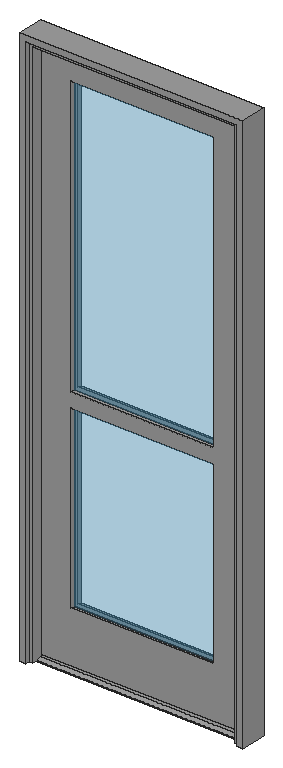
Revit family "RD-WS-DOOR-PD-1-CW_v05", category Curtain Panels, Revit 2015
Parameters
  Width [instance] = 3' - 2"
  URL = "obe.com"
  Rough Width [instance] = 3' - 0"
  Panel Width [instance] = [Min-Max Panel Width]  # 3' - 0"
  Panel Offset [instance] = 0' - 0"
  Offset [instance] = 0' - 1"
  Model = "RD-WS 1\" Infill"
  Min-Max Rough Width [instance] = if(and((Rough Width > 3' 1 255/256"), (Rough Width < 3' 8 1/256")), Rough Width, 3' 2")  # 3' - 2"
  Min-Max Panel Width [instance] = if(and((Rough Width > 3' 1 255/256"), (Rough Width < 3' 8 1/256")), Rough Width - 0' 2", 3' 0")  # 3' - 0"
  Manufacturer = "Oldcastle BuildingEnvelope®"
  Keynote = "08 11 00"
  Height [instance] = 8' - 0"
  Pushbar Height [instance] = 3' - 5 1/4"  # constant formula
  Glass Material = Glass
  Frame Material = Aluminum
  Door Panel Height [instance] = Height - 0' 0 1/2"  # 7' - 11 1/2"
  Description = "Rugged Door-Wide Stile 1\" Infill"
  Assembly Code = "B2030"
  Analytic Construction = "<None>"
  8 Muntin [instance] = no
  Mid-Panel [instance] = no
  10 Bottom Rail [instance] = not([8 Bottom Rail])  # no
  4 Muntin [instance] = no
  8 Bottom Rail [instance] = yes
  1 Muntin [instance] = if(or([4 Muntin], [8 Muntin], [Mid-Panel]), 1 = 2, 1 = 1)  # yes
Reference planes (in)
  plane 1 "Front": y = 0
  plane 2: z = 0
  plane 3 "Center (Left/Right)": x = 0
  plane 4 "Left": x = -19
  plane 5 "Right": x = 19
  plane 6 "Top": z = 96
  plane 7 "Offset": y = -1
  plane 8: y = -2.133
  plane 9: y = -2.133
  plane 10: y = -2.133
  plane 11: x = -19
  plane 12: x = 19
Forms (in)
  Sweep 1, solid, material "Aluminum" <- "Frame Material"
    path origin (0, -1, 0) x (-1, 0, 0) y (0, 0, 1)
      loop
        line (19, 0) -> (19, 96)
    profile origin (-19, -1, 48) x (1, 0, 0) y (0, 1, 0)
      loop
        line (1, -2.266) -> (1, 0) -> (0, 0) -> (0, -4.5) -> (1, -4.5) -> (1, -3.891) -> (1.75, -3.891) -> (1.75, -2.266) -> (1, -2.266)
  Sweep 2, solid, material "Aluminum" <- "Frame Material"
    path origin (0, -1, 0) x (-1, 0, 0) y (0, 0, 1)
      loop
        line (-19, 0) -> (-19, 96)
    profile origin (19, -1, 48) x (1, 0, 0) y (0, 1, 0)
      loop
        line (-1, -2.266) -> (-1.75, -2.266) -> (-1.75, -3.891) -> (-1, -3.891) -> (-1, -4.5) -> (0, -4.5) -> (0, 0) -> (-1, 0) -> (-1, -2.266)
  Extrusion 3, solid, material "Aluminum" <- "Frame Material"
    sketch origin (-19, 0, 0) x (0, -1, 0) y (0, 0, 1)
      loop
        line (3.266, 94.25) -> (4.891, 94.25) -> (4.891, 95) -> (5.5, 95) -> (5.5, 96) -> (1, 96) -> (1, 95) -> (3.266, 95) -> (3.266, 94.25)
    from -38 to 0
Cuts and joins
  joined: Sweep 1, Sweep 2, Extrusion 3
Text (in)
  text "Exterior" at (-54.29358, 31.38743, 0), in view "Ref. Level"
  text "Exterior" at (480, 41.53993, 89.60405), in view "Right"
  text "Exterior" at (-240, 57.82419, 105.78864), in view "Left"
Dimensions and locks (in)
  equal spacing: plane 4 "Left", plane 3 "Center (Left/Right)", plane 5 "Right"
  "Width": plane 4 "Left" to plane 5 "Right"
  "Height": plane 6 "Top" to plane 2
  "Offset": plane 1 "Front" to plane 7 "Offset"
  locked: plane 7 "Offset" to plane 8 at 1.133
  locked: plane 7 "Offset" to plane 9 at 1.133
  Extrusion 3 sketch curve to Extrusion 3 sketch curve to Extrusion 3 sketch curve = 0' - 0 3/4" locked, 0' - 0" locked
  nested 1 to Extrusion 3 sketch curve to Extrusion 3 sketch curve to Extrusion 3 sketch curve to Extrusion 3 sketch curve = 0' - 1", 0' - 2.266", 0' - 1 5/8" locked, 0' - 0.609" locked
  locked: plane 7 "Offset" to plane 10 at 1.133
  equal spacing: plane 11, plane 3 "Center (Left/Right)", plane 12
  "Min-Max Rough Width": plane 11 to plane 12
  aligned and locked: level to plane 2
  aligned and locked: plane 3 "Center (Left/Right)" to nested 1
  aligned and locked: plane 6 "Top" to Sweep 1 sketch curve
  aligned and locked: level to Sweep 1 sketch curve
  aligned and locked: plane 6 "Top" to Sweep 2 sketch curve
  aligned and locked: level to Sweep 2 sketch curve
  aligned and locked: Extrusion 3 to plane 6 "Top"
  aligned and locked: Extrusion 3 sketch curve to plane 6 "Top"
  aligned and locked: Sweep 1 sketch curve to plane 11
  aligned and locked: Sweep 2 sketch curve to plane 12
  aligned and locked: cut or joined group of Sweep 1, Sweep 2, Extrusion 3 to plane 11
  aligned and locked: plane 12 to cut or joined group of Sweep 1, Sweep 2, Extrusion 3
  aligned and locked: nested 1 to plane 7 "Offset"
Automatic sketch dimensions
  Sweep 1 sketch curve to profile plane = 0' - 0"
  Sweep 1 sketch curve to plane 7 "Offset" = 0' - 0"
  Sweep 1 sketch curve to profile plane = 0' - 1"  (x2)
  Sweep 1 sketch curve to Sweep 1 sketch curve = 0' - 0 3/4"
  Sweep 1 sketch curve to plane 7 "Offset" = 0' - 2.266"
  Sweep 1 sketch curve to Sweep 1 sketch curve = 0' - 1 5/8"
  Sweep 1 sketch curve to Sweep 1 sketch curve = 0' - 0.609"
  Sweep 2 sketch curve to plane 7 "Offset" = 0' - 0"
  Sweep 2 sketch curve to profile plane = 0' - 0"
  profile plane to Sweep 2 sketch curve = 0' - 1"  (x2)
  Sweep 2 sketch curve to Sweep 2 sketch curve = 0' - 0 3/4"
  Sweep 2 sketch curve to plane 7 "Offset" = 0' - 2.266"
  Sweep 2 sketch curve to Sweep 2 sketch curve = 0' - 1 5/8"
  Sweep 2 sketch curve to Sweep 2 sketch curve = 0' - 0.609"
  plane 6 "Top" to Extrusion 3 sketch curve = 0' - 1"
Nested families (in)
  nested 1: "RD-WS-DOOR-PD-1-Panel_v04" at (0, -12, 0), Frame Material <- "Frame Material", Glass Material <- "Glass Material", 4 Muntin <- "4 Muntin", 8 Muntin <- "8 Muntin", Height <- "Door Panel Height", Width <- "Min-Max Panel Width", Mid-Panel <- "Mid-Panel", 8 Bottom Rail <- "8 Bottom Rail", Offset <- "Offset", type "RD-WS-DOOR-PD-1-Panel_v04"
    with built-in parameter 1001301 3' - 0", Pushbar Height 3' - 5 1/4", Offset 0' - 1", Mid-Panel no, built-in parameter 1001300 7' - 11 1/2", Glass at Muntin 0' - 1 9/16", Glass Material Glass, Frame Material Aluminum, Bottom Rail 0' - 8 29/32", 8 Muntin no, 8 Bottom Rail yes, 4 Muntin no, 10 Bottom Rail no, 1 Muntin yes
Definition of nested family "RD-WS-DOOR-PD-1-Panel_v04"
  Parameters (values of type "RD-WS-DOOR-PD-1-Panel_v04")
    Width [instance] = 3' - 6"
    Pushbar Height [instance] = 3' - 5 1/4"  # constant formula
    Offset [instance] = 0' - 3"
    Mid-Panel [instance] = no
    Height [instance] = 8' - 0"
    Glass at Muntin [instance] = if([8 Muntin], 0' 8 9/16", if([4 Muntin], 0' 4 9/16", if([Mid-Panel], 0' 8 9/16", 0' 1 9/16")))  # 0' - 4 9/16"
    Glass Material [instance] = none
    Frame Material [instance] = none
    Bottom Rail [instance] = if([10 Bottom Rail], 0' 10 29/32", 0' 8 29/32")  # 0' - 8 29/32"
    Analytic Construction = "<None>"
    8 Muntin [instance] = no
    8 Bottom Rail [instance] = yes
    4 Muntin [instance] = yes
    10 Bottom Rail [instance] = not([8 Bottom Rail])  # no
    1 Muntin [instance] = if(or([4 Muntin], [8 Muntin], [Mid-Panel]), 1 = 2, 1 = 1)  # no
  Reference planes (in)
    plane 1 "00": y = 7.875
    plane 2: z = 0
    plane 3 "Center (Left/Right)": x = 0
    plane 4: z = 96
    plane 5: x = 21
    plane 6: x = -21
    plane 7 "Center (Front/Back)": y = 12
    plane 8 "Exterior": y = 8.375
    plane 9: z = 48
    plane 10: z = 92.96875
    plane 11: z = 91.032
    plane 12: z = 8.90625
    plane 13: z = 38.96875
    plane 14: z = 43.53125
    plane 15 "Offset": y = 9
    plane 16: z = 41.25
  Forms (in)
    Sweep 1, solid, material <- "Frame Material"
      path origin (0, 7.875, 0) x (1, 0, 0) y (0, 0, 1)
        loop
          line (-20.81193, 96) -> (20.81193, 96)
      profile origin (0, 7.875, 96) x (0, 0, 1) y (0, -1, 0)
        loop
          line (-0.5, -1.008) -> (-0.5, 1.008) -> (-3.71393, 1.008) -> (-5.37425, 1.008) -> (-5.37425, 0.5) -> (-4.968, 0.5) -> (-4.968, -0.5) -> (-5.37425, -0.5) -> (-5.37425, -1.008) -> (-3.71393, -1.008) -> (-0.5, -1.008)
    Sweep 2, solid, material <- "Frame Material"
      path origin (0, 7.875, 0) x (1, 0, 0) y (0, 0, 1)
        loop
          line (20.81193, 0) -> (-20.81193, 0)
      profile origin (0, 7.875, 0) x (0, 0, -1) y (0, -1, 0)
        loop
          line (-9.4375, -0.5) -> (-9.4375, -1.008) -> (-0.6875, -1.008) -> (-0.6875, 1.008) -> (-9.4375, 1.008) -> (-9.4375, 0.5) -> (-8.90625, 0.5) -> (-8.90625, -0.5) -> (-9.4375, -0.5)
        loop
          line (-0.5, -1.288) -> (-0.19364, -1.945) -> (-0.00001, -1.945) -> (-0.00001, 2.055) -> (-0.19364, 2.055) -> (-0.5, 1.398) -> (-0.5, -1.288)
    Sweep 3, solid, material <- "Frame Material"
      path origin (0, 7.875, 0) x (1, 0, 0) y (0, 0, 1)
        loop
          line (21, 95.5) -> (21, 0.6875)
      profile origin (21, 7.875, 48.09375) x (0, -1, 0) y (1, 0, 0)
        loop
          line (1.008, -0.18807) -> (-1.008, -0.0625) -> (-1.008, -2.01113) -> (-1.008, -5.81223) -> (-0.5, -5.81223) -> (-0.5, -5.34323) -> (0.5, -5.34323) -> (0.5, -5.81223) -> (1.008, -5.81223) -> (1.008, -2.01113) -> (1.008, -0.18807)
    Sweep 4, solid, material <- "Frame Material"
      path origin (0, 7.875, 0) x (1, 0, 0) y (0, 0, 1)
        loop
          line (-21, 95.5) -> (-21, 0.6875)
      profile origin (-21, 7.875, 48.09375) x (0, -1, 0) y (1, 0, 0)
        loop
          line (-1.008, 0.0625) -> (1.008, 0.18807) -> (1.008, 1.91181) -> (1.008, 5.81233) -> (0.5, 5.81233) -> (0.5, 5.34333) -> (-0.5, 5.34333) -> (-0.5, 5.81233) -> (-1.008, 5.81233) -> (-1.008, 1.91181) -> (-1.008, 0.0625)
    Sweep 5, solid, material <- "Frame Material"
      path origin (0, 7.875, 0) x (1, 0, 0) y (0, 0, 1)
        loop
          line (20.81193, 48) -> (-20.81193, 48)
      profile origin (0, 7.875, 48) x (0, 0, -1) y (0, -1, 0)
        loop
          line (9.43775, 1.008) -> (3.93775, 1.008) -> (3.93775, 0.5) -> (4.46875, 0.5) -> (4.46875, -0.5) -> (3.93775, -0.5) -> (3.93775, -1.008) -> (9.43775, -1.008) -> (9.43775, -0.5) -> (9.03125, -0.5) -> (9.03125, 0.5) -> (9.43775, 0.5) -> (9.43775, 1.008)
    Extrusion 6, solid, material <- "Glass Material", detail levels coarse
      sketch origin (0, 0, 0) x (1, 0, 0) y (0, 1, 0)
        loop
          line (-15.65667, 8.375) -> (-15.65667, 7.375) -> (15.65677, 7.375) -> (15.65677, 8.375) -> (-15.65667, 8.375)
      from 43.53125 to 91.032
    Extrusion 7, solid, material <- "Glass Material", detail levels medium+fine
      sketch origin (0, 0, 0) x (1, 0, 0) y (0, 1, 0)
        loop
          line (-15.65667, 7.375) -> (15.65677, 7.375) -> (15.65677, 7.623) -> (-15.65667, 7.623) -> (-15.65667, 7.375)
        loop
          line (15.65677, 8.375) -> (-15.65667, 8.375) -> (-15.65667, 8.127) -> (15.65677, 8.127) -> (15.65677, 8.375)
      from 43.53125 to 91.032
    Extrusion 8, solid, material <- "Glass Material", detail levels coarse
      sketch origin (0, 0, 0) x (1, 0, 0) y (0, 1, 0)
        loop
          line (-15.65667, 8.375) -> (-15.65667, 7.375) -> (15.65677, 7.375) -> (15.65677, 8.375) -> (-15.65667, 8.375)
      from 8.90625 to 38.96875
    Extrusion 9, solid, material <- "Glass Material", detail levels medium+fine
      sketch origin (0, 0, 0) x (1, 0, 0) y (0, 1, 0)
        loop
          line (-15.65667, 8.375) -> (-15.65667, 8.127) -> (15.65677, 8.127) -> (15.65677, 8.375) -> (-15.65667, 8.375)
        loop
          line (-15.65667, 7.623) -> (-15.65667, 7.375) -> (15.65677, 7.375) -> (15.65677, 7.623) -> (-15.65667, 7.623)
      from 8.90625 to 38.96875
  Cuts and joins
    joined: Sweep 1, Sweep 2, Sweep 3, Sweep 4, Sweep 5
  Lines and regions (in)
    model lines
      curve 1: line (15.65677, 8.375, 91.032) -> (-15.65667, 8.375, 48)
      curve 2: line (-15.65667, 8.375, 48) -> (15.65677, 8.375, 8.90625)
  Dimensions and locks (in)
    "Width": plane 6 to plane 5
    "Offset": plane 15 "Offset" to plane 7 "Center (Front/Back)"
    plane 1 "00" to plane 8 "Exterior" to plane 15 "Offset" = 0' - 0 1/2" locked, 0' - 0 5/8" locked
    equal spacing: level, plane 9, plane 4
    locked: Sweep 2 sketch curve to plane 6 at 0.18807
    locked: plane 5 to Sweep 2 sketch curve at 0.18807
    locked: Sweep 4 sketch curve to plane 4 at 0.5
    locked: Sweep 1 sketch curve to plane 6 at 0.18807
    locked: plane 5 to Sweep 1 sketch curve at 0.18807
    locked: plane 5 to Sweep 5 sketch curve at 0.18807
    locked: Sweep 5 sketch curve to plane 6 at 0.18807
    locked: plane 4 to plane 10 at 3.03125
    Extrusion 7 sketch curve to Extrusion 7 sketch curve to Extrusion 7 sketch curve to Extrusion 7 sketch curve = 0' - 0.248" locked, 0' - 0.504" locked, 0' - 0.248" locked
    Extrusion 6 sketch curve to plane 1 "00" to Extrusion 6 sketch curve = 0' - 0 1/2" locked, 0' - 0 1/2" locked
    Extrusion 8 sketch curve to plane 1 "00" to Extrusion 8 sketch curve = 0' - 0 1/2" locked, 0' - 0 1/2" locked
    Extrusion 9 sketch curve to Extrusion 9 sketch curve to plane 1 "00" to Extrusion 9 sketch curve to Extrusion 9 sketch curve = 0' - 0.248" locked, 0' - 0.252" locked, 0' - 0.252" locked, 0' - 0.248" locked
    "Glass at Muntin": plane 13 to plane 14
    locked: plane 11 to plane 4 at 4.968
    "Bottom Rail": plane 12 to plane 2
    "Height": plane 4 to plane 2
    locked: Sweep 1 sketch curve to plane 11 at 0.40625  (x2)
    locked: plane 14 to Sweep 5 sketch curve at 0.531  (x2)
    locked: Sweep 5 sketch curve to plane 13 at 0.4065  (x2)
    locked: plane 12 to Sweep 2 sketch curve at 0.53125  (x2)
    equal spacing: plane 6, plane 3 "Center (Left/Right)", plane 5
    locked: Extrusion 9 sketch curve to plane 5 at 5.34323  (x2)
    locked: plane 6 to Extrusion 9 sketch curve at 5.34333  (x2)
    locked: Extrusion 8 sketch curve to plane 5 at 5.34323
    locked: plane 6 to Extrusion 8 sketch curve at 5.34333
    locked: Extrusion 6 sketch curve to plane 5 at 5.34323
    locked: plane 6 to Extrusion 6 sketch curve at 5.34333
    locked: plane 6 to Extrusion 7 sketch curve at 5.34333  (x2)
    locked: Extrusion 7 sketch curve to plane 5 at 5.34323  (x2)
    locked: plane 4 to Sweep 3 sketch curve at 0.5
    equal spacing: plane 13, plane 16, plane 14
    "Pushbar Height": plane 2 to plane 16
    locked: plane 2 to Sweep 3 sketch curve at 0.6875
    locked: plane 2 to Sweep 4 sketch curve at 0.6875
    aligned and locked: plane 2 to level
    aligned and locked: Sweep 1 sketch curve to plane 4
    aligned and locked: Sweep 2 sketch curve to level
    aligned and locked: plane 5 to Sweep 3 sketch curve
    aligned and locked: plane 6 to Sweep 4 sketch curve
    aligned and locked: Sweep 5 sketch curve to plane 9
    aligned and locked: Extrusion 7 to plane 11
    aligned and locked: Extrusion 6 to plane 11
    aligned and locked: plane 14 to Extrusion 7
    aligned and locked: plane 14 to Extrusion 6
    aligned and locked: Extrusion 8 to plane 13
    aligned and locked: Extrusion 9 to plane 13
    aligned and locked: plane 12 to Extrusion 9
    aligned and locked: plane 12 to Extrusion 8
    aligned and locked: plane 12 to Sweep 2 sketch curve
    aligned and locked: Sweep 5 sketch curve to plane 13
    aligned and locked: plane 14 to Sweep 5 sketch curve
    aligned and locked: plane 9 to curve 1
  Automatic sketch dimensions
    Sweep 5 sketch curve to plane 1 "00" = 0' - 1.008"
    Sweep 5 sketch curve to plane 1 "00" = 0' - 0 1/2"  (x2)
    plane 1 "00" to Sweep 5 sketch curve = 0' - 0 1/2"  (x2)
    Sweep 5 sketch curve to Sweep 5 sketch curve = 0' - 0.508"
    profile plane to Sweep 2 sketch curve = 0' - 0 1/2"
    profile plane to Sweep 2 sketch curve = 0' - 0.19364"  (x2)
    profile plane to Sweep 2 sketch curve = 0' - 0"
    Sweep 2 sketch curve to plane 1 "00" = 0' - 1.945"
    Sweep 2 sketch curve to plane 1 "00" = 0' - 0 1/2"
    plane 1 "00" to Sweep 2 sketch curve = 0' - 0 1/2"
    Sweep 2 sketch curve to Sweep 2 sketch curve = 0' - 0.508"  (x2)
    Sweep 2 sketch curve to Sweep 2 sketch curve = 0' - 0.39"
    Sweep 2 sketch curve to Sweep 2 sketch curve = 0' - 0.657"
    Sweep 4 sketch curve to plane 1 "00" = 0' - 1.008"
    Sweep 4 sketch curve to plane 1 "00" = 0' - 0 1/2"
    plane 1 "00" to Sweep 4 sketch curve = 0' - 0 1/2"
    plane 1 "00" to Sweep 4 sketch curve = 0' - 1.008"
    Sweep 4 sketch curve to profile plane = 0' - 0 1/16"
    Sweep 4 sketch curve to profile plane = 0' - 0.18807"
    Sweep 4 sketch curve to Sweep 4 sketch curve = 0' - 1.84931"
    Sweep 4 sketch curve to Sweep 4 sketch curve = 0' - 1.72374"
    Sweep 4 sketch curve to Sweep 4 sketch curve = 0' - 3.43152"
    Sweep 4 sketch curve to Sweep 4 sketch curve = 0' - 0.469"  (x2)
    Sweep 1 sketch curve to Sweep 1 sketch curve = 0' - 0 13/32"
    Sweep 1 sketch curve to Sweep 1 sketch curve = 0' - 1.25407"  (x2)
    profile plane to Sweep 1 sketch curve = 0' - 0 1/2"
    Sweep 1 sketch curve to plane 1 "00" = 0' - 1.008"
    Sweep 1 sketch curve to plane 1 "00" = 0' - 0 1/2"
    plane 1 "00" to Sweep 1 sketch curve = 0' - 0 1/2"
    Sweep 1 sketch curve to Sweep 1 sketch curve = 0' - 0.508"
    Sweep 2 sketch curve to Sweep 2 sketch curve = 0' - 0 3/16"
    Sweep 2 sketch curve to Sweep 2 sketch curve = 0' - 0.28"
    Sweep 3 sketch curve to plane 1 "00" = 0' - 1.008"
    Sweep 3 sketch curve to plane 1 "00" = 0' - 0 1/2"
    plane 1 "00" to Sweep 3 sketch curve = 0' - 0 1/2"
    Sweep 3 sketch curve to Sweep 3 sketch curve = 0' - 0.508"
    profile plane to Sweep 3 sketch curve = 0' - 5.81223"
    Sweep 3 sketch curve to Sweep 3 sketch curve = 0' - 0"  (x2)
    Sweep 3 sketch curve to Sweep 3 sketch curve = 0' - 0.469"
    profile plane to Sweep 3 sketch curve = 0' - 2.01113"
    profile plane to Sweep 3 sketch curve = 0' - 0.18807"
    profile plane to Sweep 3 sketch curve = 0' - 0 1/16"
    plane 8 "Exterior" to Extrusion 7 sketch curve = 0' - 0"
    curve 2 to plane 12 = 0' - 0"
    curve 1 to plane 11 = 0' - 0"
    plane 6 to curve 1 = 0' - 5.34333"
    curve 2 to plane 5 = 0' - 5.34323"
    curve 1 to plane 5 = 0' - 5.34323"
